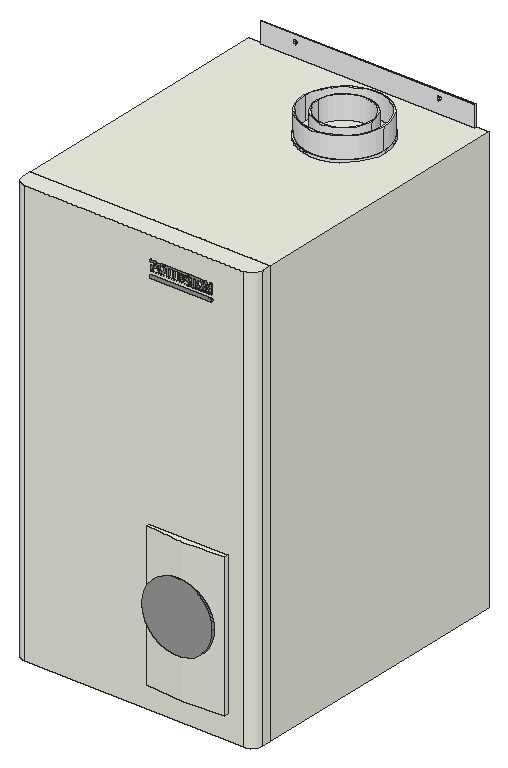
Revit family "Paramount Three 115", category Mechanical Equipment, Revit 2012
Parameters
  Weight (Full) (kg) = 91.8
  URL = "http://www.pottertoncommercial.co.uk/products_details.php?product=paramount_three"
  Seasonal Boiler Efficiency (%) = 95
  Power Consumption (W) = 200
  Model = "Paramount Three 115"
  Maximum Output @ 80/60°C (kW) = 111.7
  Manufacturer = "Potterton Commercial"
  Duct Connector Radius [instance] = if([110mm Flue], 55 mm, if([150mm Flue], 75 mm, 0 mm))  # 55 mm
  Description = "Wall Hung Condensing Boiler"
  110mm Flue [instance] = yes
  150mm Flue [instance] = no
Reference planes
  plane 1 "Center (Front/Back)": y = 0
  plane 2: z = 0
  plane 3 "Center (Left/Right)": x = 0
  plane 4: y = 0
  plane 5: y = -21.5
  plane 6: y = -151.5
  plane 7: y = -151.5
  plane 8: y = -151.5
  plane 9: y = -415.5
  plane 10: y = -285.5
  plane 11: x = 240
  plane 12: x = -240
  plane 13: x = -77
  plane 14: y = -314.5
  plane 15: x = -91.5
Forms (mm)
  Extrusion 1, solid, material "Potterton Paramount Three - Body"
    sketch origin (0, -37.5, 0) x (-1, 0, 0) y (0, -1, 0)
      loop
        line (-240, -37.5) -> (240, -37.5) -> (240, 526.5)
        arc (240, 526.5) -> (233.849, 541.349) -> (219, 547.5) r 21
        line (219, 547.5) -> (-219, 547.5)
        arc (-219, 547.5) -> (-233.849, 541.349) -> (-240, 526.5) r 21
        line (-240, 526.5) -> (-240, -37.5)
    from 0 to 851
  Extrusion 2, solid, material "Potterton Paramount Three - Steel"
    sketch origin (0, 0, 0) x (-1, 0, 0) y (0, 0, 1)
      loop
        line (214, 851) -> (214, 892) -> (-214, 892) -> (-214, 851) -> (214, 851)
      loop
        circle (144, 879) r 4.5
      loop
        circle (-144, 879) r 4.5
    from 0 to -2.5
  Extrusion 3, solid, material "Potterton Paramount Three - Steel"
    sketch origin (72.5, -21.5, 0) x (-1, 0, 0) y (0, -1, 0)
      loop
        circle (0, 130) r 82.5
      loop
        circle (0, 130) r 80
    from 851 to 856
  Extrusion 4, solid, material "Potterton Paramount Three - Steel"
    sketch origin (72.5, -21.5, 0) x (-1, 0, 0) y (0, -1, 0)
      loop
        circle (0, 130) r 80
      loop
        circle (0, 130) r 78
    from 851 to 897
  Extrusion 5, solid, material "Potterton Paramount Three - Steel"
    sketch origin (72.5, -21.5, 0) x (-1, 0, 0) y (0, -1, 0)
      loop
        circle (0, 130) r 55
      loop
        circle (0, 130) r 53
    from 851 to 897
  Extrusion 6, solid, material "Potterton Paramount Three - Steel"
    sketch origin (0, -8.5, 0) x (1, 0, 0) y (0, 1, 0)
      loop
        circle (-85.5, -237) r 9.25
      loop
        circle (-55.5, -237) r 4.85
      loop
        circle (-25.5, -237) r 10.75
      loop
        circle (4.5, -237) r 10.5
      loop
        circle (34.5, -237) r 10.5
      loop
        circle (-100, -266) r 9.25
      loop
        circle (-70, -266) r 9.25
      loop
        circle (-40, -266) r 10.85
      loop
        circle (-10, -266) r 9.85
      loop
        circle (20, -266) r 14
      loop
        circle (50, -266) r 14
    from 30 to 50
  Extrusion 7, void
    sketch origin (0, -39.5, 0) x (1, 0, 0) y (0, 1, 0)
      loop
        line (-194, -498.5) -> (194, -498.5) -> (194, -484.5) -> (206, -463.715) -> (206, -2.285) -> (194, 19.5) -> (194, 31.5) -> (-194, 31.5) -> (-194, 19.5) -> (-206, -2.285) -> (-206, -463.715) -> (-194, -484.5) -> (-194, -498.5)
    from 0 to 50
  Extrusion 8, solid, material "Potterton Paramount Three - Body"
    sketch origin (6.896, -176, 297.5) x (0, 1, 0) y (1, 0, 0)
      loop
        line (-409, 179.704) -> (-416, 179.704)
        arc (-416, 179.704) -> (-421.032, 101.704) -> (-416, 23.704) r 607
        line (-416, 23.704) -> (-409, 23.704) -> (-409, 179.704)
    from -35 to 250
  Extrusion 9, solid, material "Potterton Paramount Three - Cover"
    sketch origin (-0.4, -591, 0) x (1, 0, 0) y (0, 0, 1)
      loop
        circle (96, 195) r 70
    from 0 to 6.6
  Extrusion 10, solid, material "Potterton Paramount Three - Logo"
    sketch origin (-275.872, -585, 698.63) x (1, 0, 0) y (0, 0, 1)
      loop
        arc (316.284, 105.758) -> (319.074, 102.967) -> (316.284, 100.177) r 2.79
        line (316.284, 100.177) -> (309.343, 100.177) -> (309.343, 92.064) -> (312.758, 92.064) -> (312.758, 96.721) -> (316.284, 96.721)
        arc (316.284, 96.721) -> (319.818, 97.833) -> (322.081, 100.766) r 6.176
        arc (322.081, 100.766) -> (333.414, 92.147) -> (337.595, 105.758) r 8.681
        line (337.595, 105.758) -> (342.208, 105.758) -> (342.208, 92.064) -> (345.744, 92.064) -> (345.744, 105.758) -> (352.462, 105.758) -> (352.462, 92.064) -> (355.968, 92.064) -> (355.968, 105.758) -> (362.45, 105.758) -> (362.45, 92.064) -> (374.405, 92.064) -> (374.405, 95.397) -> (365.957, 95.397) -> (365.957, 99.003) -> (372.866, 99.003)
        arc (372.866, 99.003) -> (374.502, 100.639) -> (372.866, 102.274) r 1.635
        line (372.866, 102.274) -> (365.957, 102.274) -> (365.957, 105.758) -> (381.502, 105.758)
        arc (381.502, 105.758) -> (383.244, 104.016) -> (381.502, 102.274) r 1.742
        line (381.502, 102.274) -> (376.945, 102.274)
        arc (376.945, 102.274) -> (375.381, 101.116) -> (376.032, 99.282) r 1.635
        line (376.032, 99.282) -> (392.981, 87.87)
        arc (392.981, 87.87) -> (394.629, 87.8) -> (395.474, 89.217) r 1.611
        line (395.474, 89.217) -> (395.474, 105.758) -> (400.487, 105.758)
        arc (400.487, 105.758) -> (403.579, 92.581) -> (415.781, 98.438) r 8.681
        line (415.781, 98.438) -> (415.781, 92.064) -> (419.317, 92.064) -> (419.317, 102.274) -> (427.82, 92.608)
        arc (427.82, 92.608) -> (429.852, 92.102) -> (431.043, 93.824) r 1.841
        line (431.043, 93.824) -> (431.043, 107.5)
        arc (431.043, 107.5) -> (429.246, 109.297) -> (427.449, 107.5) r 1.797
        line (427.449, 107.5) -> (427.449, 98.467) -> (418.665, 108.738)
        arc (418.665, 108.738) -> (416.852, 109.21) -> (415.781, 107.673) r 1.639
        line (415.781, 107.673) -> (415.781, 102.385)
        arc (415.781, 102.385) -> (412.945, 107.03) -> (407.903, 109.074) r 8.681
        line (407.903, 109.074) -> (388.41, 109.074)
        arc (388.41, 109.074) -> (386.752, 107.416) -> (388.41, 105.758) r 1.658
        line (388.41, 105.758) -> (391.885, 105.758) -> (391.885, 92.494) -> (381.502, 99.55)
        arc (381.502, 99.55) -> (386.264, 104.312) -> (381.502, 109.074) r 4.762
        line (381.502, 109.074) -> (338.151, 109.074)
        arc (338.151, 109.074) -> (336.788, 108.359) -> (336.6, 106.831) r 1.658
        arc (336.6, 106.831) -> (328.47, 108.787) -> (322.46, 102.972) r 8.681
        arc (322.46, 102.972) -> (320.625, 107.291) -> (316.284, 109.074) r 6.176
        line (316.284, 109.074) -> (309.175, 109.074)
        arc (309.175, 109.074) -> (307.516, 107.416) -> (309.175, 105.758) r 1.658
        line (309.175, 105.758) -> (316.284, 105.758)
      loop
        line (398.443, 89.682) -> (398.443, 88.776) -> (430.656, 88.776) -> (430.656, 89.682) -> (398.443, 89.682)
      loop
        line (309.343, 89.682) -> (309.343, 88.776) -> (387.318, 88.776) -> (387.318, 89.682) -> (309.343, 89.682)
      loop
        arc (310.458, 82.011) -> (307.385, 78.937) -> (310.458, 75.864) r 3.074
        line (310.458, 75.864) -> (428.858, 75.864)
        arc (428.858, 75.864) -> (431.932, 78.937) -> (428.858, 82.011) r 3.074
        line (428.858, 82.011) -> (310.458, 82.011)
      loop
        circle (330.755, 100.412) r 5.181
      loop
        circle (316.284, 102.967) r 1.75
      loop
        circle (407.327, 100.412) r 5.181
    from 0 to 1
  Sweep 11, void
    path in 3D
      loop
        line (240, -178, 0) -> (240, -178, 851) -> (-240, -178, 851) -> (-240, -178, 0)
    profile origin (-240, -178, 425.5) x (-1, 0, 0) y (0, -1, 0)
      loop
        line (0, 368.5) -> (-1.5, 367) -> (0, 365.5) -> (0, 368.5)
  Extrusion 12, solid, material "Potterton Paramount Three - Copper Piping"
    sketch origin (-142.529, -37.926, 0) x (1, 0, 0) y (0, 1, 0)
      loop
        circle (142.529, -42.074) r 12.5
    from 0 to 50
  Extrusion 13, solid, material "Potterton Paramount Three - Copper Piping"
    sketch origin (-272.529, -37.926, 0) x (1, 0, 0) y (0, 1, 0)
      loop
        circle (142.529, -42.074) r 20
    from 0 to 50
  Extrusion 14, solid, material "Potterton Paramount Three - Copper Piping"
    sketch origin (-12.529, -37.926, 0) x (1, 0, 0) y (0, 1, 0)
      loop
        circle (142.529, -42.074) r 20
    from 0 to 50
  Extrusion 15, solid, material "Potterton Paramount Three - Copper Piping"
    sketch origin (-331.529, -8.926, 0) x (1, 0, 0) y (0, 1, 0)
      loop
        circle (142.529, -42.074) r 12.5
    from 0 to 50
Cuts and joins
  Extrusion 7, Sweep 11 cuts Extrusion 1
  Extrusion 7 cuts Extrusion 8
Lines and regions (mm)
  sketch lines
    curve 1: line (-240, -178, 851) -> (-240, -178, 0)
    curve 2: line (240, -178, 851) -> (-240, -178, 851)
    curve 3: line (240, -178, 851) -> (240, -178, 0)
Dimensions and locks
  Extrusion 2 to level = 892 mm
  aligned and locked: level to plane 2
Connectors
  piping at (72.5, -151.5, 856), driven by "Duct Connector Radius"
    settings: on Extrusion 3, index 1, connector radius 55 mm, flow factor 0, pipe flow 0.000 m³/h, pressure drop 0.0 Pa, fitting loss kfactor 0, connector angle 0.00°, fixture units 0, engagement length 0 mm, flow configuration 0, flow direction 0, fitting loss method 0, system type 29, joint type 0, gender type 0, connector reference index -1, connector utility 0, adjustable connector no, is connector primary yes, fitting loss table "", connector description ""
  piping at (-189, -51, 0)
    settings: on Extrusion 15, index 2, connector radius 12.5 mm, flow factor 0, pipe flow 0.000 m³/h, pressure drop 0.0 Pa, fitting loss kfactor 0, connector angle 0.00°, fixture units 0, engagement length 0 mm, flow configuration 0, flow direction 0, fitting loss method 0, system type 29, joint type 0, gender type 0, connector reference index -1, connector utility 0, adjustable connector no, is connector primary no, fitting loss table "", connector description ""
  piping at (-130, -80, 0)
    settings: on Extrusion 13, index 3, connector radius 20 mm, flow factor 0, pipe flow 0.000 m³/h, pressure drop 0.0 Pa, fitting loss kfactor 0, connector angle 0.00°, fixture units 0, engagement length 0 mm, flow configuration 0, flow direction 0, fitting loss method 0, system type 29, joint type 0, gender type 0, connector reference index -1, connector utility 0, adjustable connector no, is connector primary no, fitting loss table "", connector description ""
  piping at (0, -80, 0)
    settings: on Extrusion 12, index 4, connector radius 12.5 mm, flow factor 0, pipe flow 12.200 m³/h, pressure drop 0.0 Pa, fitting loss kfactor 0, connector angle 0.00°, fixture units 0, engagement length 0 mm, flow configuration 0, flow direction 0, fitting loss method 0, system type 29, joint type 0, gender type 0, connector reference index -1, connector utility 0, adjustable connector no, is connector primary no, fitting loss table "", connector description ""
  piping at (130, -80, 0)
    settings: on Extrusion 14, index 5, connector radius 20 mm, flow factor 0, pipe flow 0.000 m³/h, pressure drop 0.0 Pa, fitting loss kfactor 0, connector angle 0.00°, fixture units 0, engagement length 0 mm, flow configuration 0, flow direction 0, fitting loss method 0, system type 29, joint type 0, gender type 0, connector reference index -1, connector utility 0, adjustable connector no, is connector primary no, fitting loss table "", connector description ""
